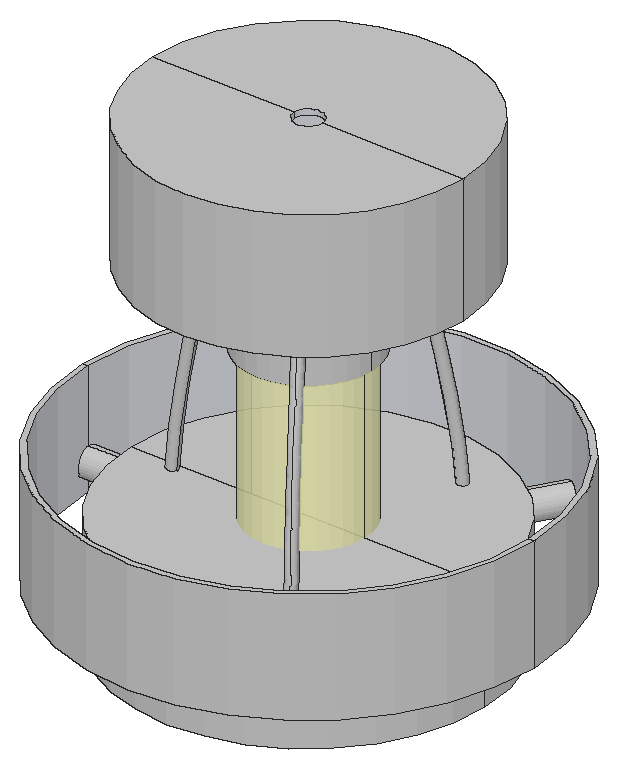
Revit family "SA8 FIXTURE", category Lighting Fixtures, Revit 2024
Family settings
  Round Connector Dimension = Use Diameter
  Part Type = Normal
  OmniClass Number = 23.80.70.00
  OmniClass Title = Lighting
  Work Plane-Based = No
  Always vertical = Yes
  Cut with Voids When Loaded = No
  Light Source = No
  Maintain Annotation Orientation = No
  Shared = No
  Room Calculation Point = No
Parameters
  Default Elevation = 0' - 0"
Reference planes (in)
  plane 1 "Light Source Axis (F/B)": y = 0
  plane 2: z = 0
  plane 3 "Light Source Axis (L/R)": x = 0
  plane 4 "Light Source Elevation": z = 54
Forms (in)
  Revolve 1, solid
    sketch origin (0, 0, 0) x (1, 0, 0) y (0, 0, 1)
      loop
        line (-0.25, 61.3125) -> (-2.75, 61.3125) -> (-2.75, 59.0625) -> (-1.125, 59.0625) -> (-1.125, 57.6875) -> (-1.03125, 57.6875) -> (-1.03125, 59.15625) -> (-2.65625, 59.15625) -> (-2.65625, 61.21875) -> (-0.25, 61.21875) -> (-0.25, 61.3125)
      loop
        line (-4, 56) -> (-4, 54) -> (-3.90625, 54) -> (-3.90625, 56) -> (-4, 56)
      loop
        line (-3.03125, 53.15625) -> (-3.03125, 54.90625) -> (0, 54.90625) -> (0, 55) -> (-3.125, 55) -> (-3.125, 53.0625) -> (-2.68901, 53.0625) -> (-2.68901, 53.15625) -> (-3.03125, 53.15625)
      axis (0, 61.3125) -> (0, 53.0625)
    angle from 0 to 360
  Revolve 2, solid
    sketch origin (0, 0, 0) x (1, 0, 0) y (0, 0, 1)
      loop
        line (-3.03125, 53.15625) -> (0, 53.15625) -> (0, 53.25) -> (-3.03125, 53.25) -> (-3.03125, 53.15625)
      axis (0, 53.25) -> (0, 53.15625)
    angle from 0 to 360
  Revolve 3, solid
    sketch origin (0, 0, 0) x (1, 0, 0) y (0, 0, 1)
      loop
        line (-1, 54.84995) -> (0, 54.84995) -> (0, 57.75) -> (-1, 57.75) -> (-1, 54.84995)
      axis (0, 57.75) -> (0, 54.84995)
    angle from 0 to 360
  Sweep 4, solid
    path origin (0, 0, 0) x (1, 0, 0) y (0, 0, 1)
      loop
        spline (-1.61819, 59.0625) -> (-1.63353, 58.71073) -> (-1.69044, 58.42782) -> (-1.76704, 58.1526) -> (-1.84801, 57.84257) -> (-1.93099, 57.49192) -> (-2.01514, 57.09915) -> (-2.0996, 56.66277) -> (-2.18319, 56.18189) -> (-2.26278, 55.65911) -> (-2.33455, 55.0982) -> (-2.39472, 54.50295) -> (-2.43947, 53.87714)
    profile origin (-2.01514, 0, 57.09915) x (0.979855, 0, -0.199711) y (0, -1, 0)
      loop
        circle (0, 0.10922) r 0.09375
  Revolve 5, solid
    sketch origin (0, 0, 0) x (1, 0, 0) y (0, 0, 1)
      loop
        line (-3.93358, 54.5) -> (-3, 54.5) -> (-3, 54.75) -> (-3.93358, 54.75) -> (-3.93358, 54.5)
      axis (-3, 54.5) -> (-3.93358, 54.5)
    angle from 0 to 360
  Sweep 6, solid
    path origin (0, 0, 0) x (-0.5, -0.866025, 0) y (0, 0, 1)
      loop
        spline (-1.61819, 59.0625) -> (-1.63353, 58.71073) -> (-1.69044, 58.42782) -> (-1.76704, 58.1526) -> (-1.84801, 57.84257) -> (-1.93099, 57.49192) -> (-2.01514, 57.09915) -> (-2.0996, 56.66277) -> (-2.18319, 56.18189) -> (-2.26278, 55.65911) -> (-2.33455, 55.0982) -> (-2.39472, 54.50295) -> (-2.43947, 53.87714)
    profile origin (1.00757, 1.74516, 57.09915) x (-0.489927, -0.848579, -0.199711) y (-0.866025, 0.5, 0)
      loop
        circle (0, 0.10922) r 0.09375
  Revolve 7, solid
    sketch origin (0, 0, 0) x (-0.5, -0.866025, 0) y (0, 0, 1)
      loop
        line (-3.93358, 54.5) -> (-3, 54.5) -> (-3, 54.75) -> (-3.93358, 54.75) -> (-3.93358, 54.5)
      axis (-3, 54.5) -> (-3.93358, 54.5)
    angle from 0 to 360
  Sweep 8, solid
    path origin (0, 0, 0) x (-0.5, 0.866025, 0) y (0, 0, 1)
      loop
        spline (-1.61819, 59.0625) -> (-1.63353, 58.71073) -> (-1.69044, 58.42782) -> (-1.76704, 58.1526) -> (-1.84801, 57.84257) -> (-1.93099, 57.49192) -> (-2.01514, 57.09915) -> (-2.0996, 56.66277) -> (-2.18319, 56.18189) -> (-2.26278, 55.65911) -> (-2.33455, 55.0982) -> (-2.39472, 54.50295) -> (-2.43947, 53.87714)
    profile origin (1.00757, -1.74516, 57.09915) x (-0.489927, 0.848579, -0.199711) y (0.866025, 0.5, 0)
      loop
        circle (0, 0.10922) r 0.09375
  Revolve 9, solid
    sketch origin (0, 0, 0) x (-0.5, 0.866025, 0) y (0, 0, 1)
      loop
        line (-3.93358, 54.5) -> (-3, 54.5) -> (-3, 54.75) -> (-3.93358, 54.75) -> (-3.93358, 54.5)
      axis (-3, 54.5) -> (-3.93358, 54.5)
    angle from 0 to 360
Dimensions and locks (in)
  aligned and locked: level to plane 2
